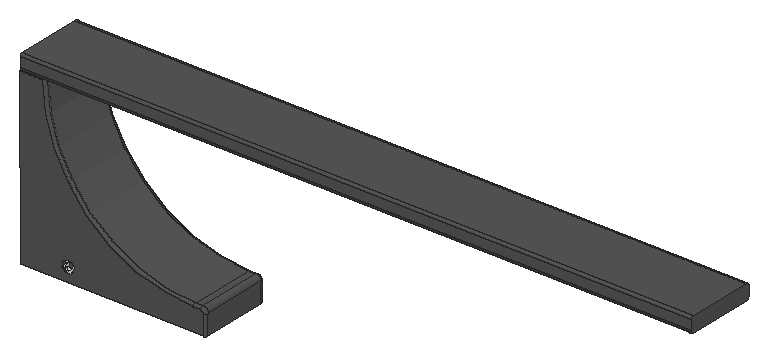
Revit family "Accessory-Towel_Arm-KOHLER-Minimal-K-26570", category Specialty Equipment, host Face, Revit 2021
Family settings
  Host = Face
  Round Connector Dimension = Use Diameter
  Part Type = Normal
  OmniClass Number = 23.31.25.25
  OmniClass Title = Towel Bars
  Cut with Voids When Loaded = No
  Shared = No
  Room Calculation Point = No
Parameters (values of type "BL-Matte Black")
  Width = 1 13/128"  # constant formula
  WaterSense Certified = 1 = 0  # no
  URL = "https://www.us.kohler.com/us/"
  Type = 1
  Product Page URL = "http://www.us.kohler.com/us/catalog/productDetails.jsp?productId=26570"
  Product Name = "Minimal\r\n"  # constant formula
  Product Documentation Link = "https://www.us.kohler.com/webassets/kpna/catalog/pdf/en/K-26570_spec_US-CA_Kohler_en.pdf"
  Model = if(Type = 1, "K-26570-BL", if(Type = 2, "K-26570-BN", if(Type = 3, "K-26570-CP", "NA")))  # "K-26570-BL"
  Material = "Premium Metal Construction"  # constant formula
  Master Format 2014 Name = "Toilet, Bath, and Laundry Accessories"  # constant formula
  Master Format 2014 = "10 28 00"  # constant formula
  Manufacturer Address = "444 Highland Dr, Kohler, WI 53044"  # constant formula
  Manufacturer = "Kohler Co."  # constant formula
  Length = 10 117/256"  # constant formula
  Height = 2 15/16"  # constant formula
  Finish = Kohler-Metal-BL-Matte_Black
  Environmental Product Declaration = ""
  Description = "Towel Arm"  # constant formula
  Default Elevation = 42"
  Declare Label = ""
  Date Modified = "12/29/2022"  # constant formula
  Date Created = "12/29/2022"  # constant formula
  Copyright = "Copyright Kohler Co."  # constant formula
  Contact Us = "https://www.us.kohler.com/us/static/contact.jsp"
  Assembly Code = "C1030200"
  ADA Compliant = 1 = 0  # no
Types (4): name | Type | Model | Finish
  (no name) | 1 | "K-26570-BL" | Kohler-Metal-BL-Matte_Black
  BL-Matte Black | 1 | "K-26570-BL" | Kohler-Metal-BL-Matte_Black
  BN-Vibrant Brushed Nickel | 2 | "K-26570-BN" | Kohler-Metal-BN-Vibrant_Brushed_Nickel
  CP-Polished Chrome | 3 | "K-26570-CP" | Kohler-Metal-CP-Polished_Chrome
Reference planes
  plane 1 "Center (Front/Back)": y = 0
  plane 2: z = 0
  plane 3 "Center (Left/Right)": x = 0
  plane 4: x = 68.119
  plane 5: x = 260.209
  plane 6: z = 74.612
  plane 7: x = 13.647
  plane 8: x = -5.4
  plane 9: y = 14.001
  plane 10: y = -13.979
  plane 11: z = 68.581
Dimensions and locks
  plane 4 to plane 8 = 2.89446"  (x2)
  "Height": plane 6 to level
  plane 6 to plane 11 = 0.23748"
  "Length": plane 8 to plane 5
  "Width": plane 9 to plane 10
  aligned and locked: plane 2 to host face
  aligned and locked: level to host face
Automatic sketch dimensions
  host sketch curve to host sketch curve = 96"  (x2)
Nested families
  nested 1: "K-26570" at (0, 0, 0), type "K-26570"
Definition of nested family "K-26570"
  Parameters
    Material = none
    Default Elevation = 0"
  Reference planes
    plane 1 "Center (Front/Back)": y = 0
    plane 2: z = 0
    plane 3 "Center (Left/Right)": x = 0
    plane 4: y = 14.001
    plane 5: y = -14.001
    plane 6: z = 74.582
    plane 7: z = 68.581
    plane 8: through (0, -4.701, 4.86) normal (0, -0.9659, 0.2588)
    plane 9: x = 260.182
    plane 10: x = -5.4
    plane 11: x = 68.119
    plane 12: x = 13.647
  Forms (mm)
    Extrusion 1, solid, material <- "Material", detail levels medium+fine
      sketch origin (0, 0, 0) x (0, 1, 0) y (0, 0, 1)
        loop
          line (13.062, 74.582) -> (-13.017, 74.582)
          arc (-13.017, 74.582) -> (-13.713, 74.294) -> (-14.001, 73.598) r 0.984
          line (-14.001, 73.598) -> (-14.001, 69.549)
          arc (-14.001, 69.549) -> (-13.717, 68.864) -> (-13.032, 68.581) r 0.969
          line (-13.032, 68.581) -> (13.013, 68.581)
          arc (13.013, 68.581) -> (13.712, 68.87) -> (14.001, 69.568) r 0.987
          line (14.001, 69.568) -> (14.001, 73.643)
          arc (14.001, 73.643) -> (13.726, 74.307) -> (13.062, 74.582) r 0.939
      from -5.4 to 260.182
    Sweep 2, solid, material <- "Material", detail levels medium+fine
      path origin (299.4, 0, 0) x (1, 0, 0) y (0, 0, 1)
        loop
          arc (-294.8, 68.581) -> (-277.629, 27.126) -> (-236.174, 9.955) r 58.626
          line (-236.174, 9.955) -> (-233.231, 9.955)
          arc (-233.231, 9.955) -> (-231.852, 9.384) -> (-231.281, 8.005) r 1.95
          line (-231.281, 8.005) -> (-231.281, 0)
      profile origin (68.119, 0, 4.003) x (0, -1, 0) y (1, 0, 0)
        loop
          line (-14.001, -0.982) -> (-14.001, -1.787) -> (14.001, -1.787) -> (14.001, -0.961)
          arc (14.001, -0.961) -> (13.719, -0.281) -> (13.04, 0) r 0.961
          line (13.04, 0) -> (-13.019, 0)
          arc (-13.019, 0) -> (-13.713, -0.288) -> (-14.001, -0.982) r 0.982
    Extrusion 3, solid, material <- "Material", detail levels medium+fine
      sketch origin (299.4, 0, 0) x (1, 0, 0) y (0, 0, 1)
        loop
          line (-304.8, 68.581) -> (-304.8, 0) -> (-232.568, 0) -> (-232.568, 8.668) -> (-236.174, 8.668)
          arc (-236.174, 8.668) -> (-278.539, 26.216) -> (-296.087, 68.581) r 59.913
          line (-296.087, 68.581) -> (-304.8, 68.581)
      from -14.001 to 14.001
    Extrusion 4, void
      sketch origin (0, 0, 0) x (1, 0, 0) y (0, 0, 1)
        loop
          arc (11.482, 7.087) -> (11.517, 6.035) -> (11.124, 5.059) r 2.554
          arc (11.124, 5.059) -> (12.178, 4.136) -> (13.202, 3.179) r 44.031
          arc (13.202, 3.179) -> (13.85, 3.256) -> (14.491, 3.377) r 9.659
          arc (14.491, 3.377) -> (14.86, 3.546) -> (15.128, 3.85) r 0.974
          arc (15.128, 3.85) -> (15.69, 5.005) -> (16.112, 6.22) r 10.811
          arc (16.112, 6.22) -> (15.592, 7.031) -> (14.889, 7.69) r 3.904
          arc (14.889, 7.69) -> (13.951, 8.072) -> (12.943, 7.971) r 2.103
          arc (12.943, 7.971) -> (12.168, 7.603) -> (11.482, 7.087) r 4.269
      from 12.063 to 16.292
    Extrusion 5, solid, detail levels medium+fine
      sketch origin (299.4, -5.217, 2.934) x (0, 0.258819, 0.965926) y (-1, 0, 0)
        loop
          line (1.372, 287.076) -> (-0.125, 287.076) -> (-0.889, 285.753) -> (-0.125, 284.43) -> (1.372, 284.43) -> (2.136, 285.753) -> (1.372, 287.076)
        loop
          circle (0.623, 285.753) r 2.329
      from 5.349 to 8.584
    Extrusion 6, solid, material <- "Material", detail levels coarse
      sketch origin (299.4, 0, 0) x (1, 0, 0) y (0, 0, 1)
        loop
          line (-304.8, 68.581) -> (-304.8, 0) -> (-231.281, 0) -> (-231.281, 10.173)
          arc (-231.281, 10.173) -> (-275.893, 25.395) -> (-294.788, 68.581) r 58.486
          line (-294.788, 68.581) -> (-304.8, 68.581)
      from -14.001 to 14.001
    Extrusion 7, solid, material <- "Material", detail levels coarse
      sketch origin (0, 0, 0) x (1, 0, 0) y (0, 0, 1)
        loop
          line (260.182, 68.581) -> (260.182, 74.582) -> (-5.4, 74.582) -> (-5.4, 68.581) -> (260.182, 68.581)
      from -14.001 to 14.001
  Cuts and joins
    Extrusion 4 cuts Sweep 2
    Extrusion 4 cuts Extrusion 3
    joined: Sweep 2, Extrusion 3
  Lines and regions (mm)
    Masking region 1
      outline origin (0, 0, 0) x (1, 0, 0) y (0, 0, 1)
        loop
          line (259.683, 74.582) -> (-4.864, 74.582)
          arc (-4.864, 74.582) -> (-5.243, 74.425) -> (-5.4, 74.046) r 0.536
          line (-5.4, 74.046) -> (-5.4, 69.317)
          arc (-5.4, 69.317) -> (-5.159, 68.77) -> (-4.593, 68.581) r 0.739
          line (-4.593, 68.581) -> (-5.4, 68.581) -> (-5.4, 0) -> (68.119, 0) -> (68.119, 8.034)
          arc (68.119, 8.034) -> (67.556, 9.394) -> (66.196, 9.957) r 1.923
          line (66.196, 9.957) -> (63.098, 9.957)
          arc (63.098, 9.957) -> (21.693, 27.136) -> (4.612, 68.581) r 58.486
          line (4.612, 68.581) -> (259.658, 68.581)
          arc (259.658, 68.581) -> (260.029, 68.734) -> (260.182, 69.104) r 0.524
          line (260.182, 69.104) -> (260.182, 74.083)
          arc (260.182, 74.083) -> (260.036, 74.436) -> (259.683, 74.582) r 0.499
    Masking region 2
      outline origin (0, 0, 0) x (0, 1, 0) y (0, 0, 1)
        loop
          line (13.062, 74.582) -> (-13.062, 74.582)
          arc (-13.062, 74.582) -> (-13.726, 74.307) -> (-14.001, 73.643) r 0.939
          line (-14.001, 73.643) -> (-14.001, 69.568)
          arc (-14.001, 69.568) -> (-13.712, 68.87) -> (-13.013, 68.581) r 0.987
          arc (-13.013, 68.581) -> (-13.713, 68.293) -> (-14.001, 67.599) r 0.982
          line (-14.001, 67.599) -> (-13.982, 0.959)
          spline (-13.982, 0.959) -> (-13.996, 0.856) -> (-13.992, 0.752) -> (-13.97, 0.65) -> (-13.931, 0.55) -> (-13.876, 0.454) -> (-13.804, 0.363) -> (-13.718, 0.28) -> (-13.619, 0.204) -> (-13.507, 0.137) -> (-13.385, 0.08) -> (-13.254, 0.035) -> (-13.116, 0)
          line (-13.116, 0) -> (13.019, 0)
          arc (13.019, 0) -> (13.713, 0.288) -> (14.001, 0.982) r 0.982
          line (14.001, 0.982) -> (14.001, 67.599)
          arc (14.001, 67.599) -> (13.713, 68.293) -> (13.019, 68.581) r 0.982
          arc (13.019, 68.581) -> (13.712, 68.87) -> (14.001, 69.568) r 0.987
          line (14.001, 69.568) -> (14.001, 73.643)
          arc (14.001, 73.643) -> (13.726, 74.307) -> (13.062, 74.582) r 0.939
    Masking region 3
      outline origin (0, 0, 0) x (1, 0, 0) y (0, 1, 0)
        loop
          arc (-4.5, 14.001) -> (-5.136, 13.737) -> (-5.4, 13.101) r 0.9
          line (-5.4, 13.101) -> (-5.4, -13.101)
          arc (-5.4, -13.101) -> (-5.136, -13.737) -> (-4.5, -14.001) r 0.9
          line (-4.5, -14.001) -> (259.282, -14.001)
          arc (259.282, -14.001) -> (259.918, -13.737) -> (260.182, -13.101) r 0.9
          line (260.182, -13.101) -> (260.182, 13.101)
          arc (260.182, 13.101) -> (259.918, 13.737) -> (259.282, 14.001) r 0.9
          line (259.282, 14.001) -> (-4.5, 14.001)
    symbolic lines, detail levels medium+fine
      curve 1: line (-4.593, 0, 68.581) -> (4.612, 0, 68.581)
      curve 2: line (-4.593, 0, 68.581) -> (-4.593, 0, 74.582)
      curve 3: arc (3.681, 0, 68.581) -> (20.214, 0, 26.983) -> (61.319, 0, 9.26) r 58.486
      curve 4: line (67.108, 0, 9.727) -> (67.108, 0, 0)
      curve 5: line (-4.593, 0, 68.581) -> (-4.593, 0, -0.054)
      curve 6: line (61.319, 0, 9.26) -> (67.75, 0, 9.167)
      curve 7: line (0, 13.019, 68.581) -> (0, -13.013, 68.581)
      curve 8: line (0, 13.019, 0) -> (0, 13.019, 68.581)
      curve 9: line (0, 13.019, 68.581) -> (0, 13.019, 74.582)
      curve 10: line (0, -13.013, 68.581) -> (0, -13.013, 74.582)
      curve 11: line (0, -13.013, 68.581) -> (0, -13.013, 0.019)
      curve 12: line (0, 14.001, 73.643) -> (0, -14.001, 73.643)
      curve 13: line (0, -14.001, 69.568) -> (0, 14.001, 69.568)
      curve 14: line (259.282, 13.013, 0) -> (259.282, -13.101, 0)
      curve 15: line (-4.5, -13.101, 0) -> (-4.5, 13.013, 0)
      curve 16: line (-4.5, 13.013, 0) -> (259.282, 13.013, 0)
      curve 17: line (259.282, -13.101, 0) -> (-4.5, -13.101, 0)
      curve 18: line (-4.5, -13.101, 0) -> (-4.5, -14.001, 0)
      curve 19: line (-4.5, -13.101, 0) -> (-5.4, -13.101, 0)
      curve 20: line (-4.5, 13.013, 0) -> (-5.4, 13.013, 0)
      curve 21: line (-4.5, 13.013, 0) -> (-4.5, 14.001, 0)
      curve 22: line (259.282, -13.101, 0) -> (259.282, -14.001, 0)
      curve 23: line (259.282, -13.101, 0) -> (260.182, -13.101, 0)
      curve 24: line (259.282, 13.013, 0) -> (260.182, 13.013, 0)
      curve 25: line (259.282, 13.013, 0) -> (259.282, 14.001, 0)
      curve 26: line (-5.4, 0, 74.046) -> (260.182, 0, 74.046)
      curve 27: line (-5.4, 0, 69.317) -> (260.182, 0, 69.317)
      curve 28: line (259.683, 0, 74.582) -> (259.683, 0, 68.581)
  Dimensions and locks
    plane 10 to plane 9 = 10.45598"
    plane 9 to plane 10 = 10.45598"
    aligned and locked: plane 2 to level
